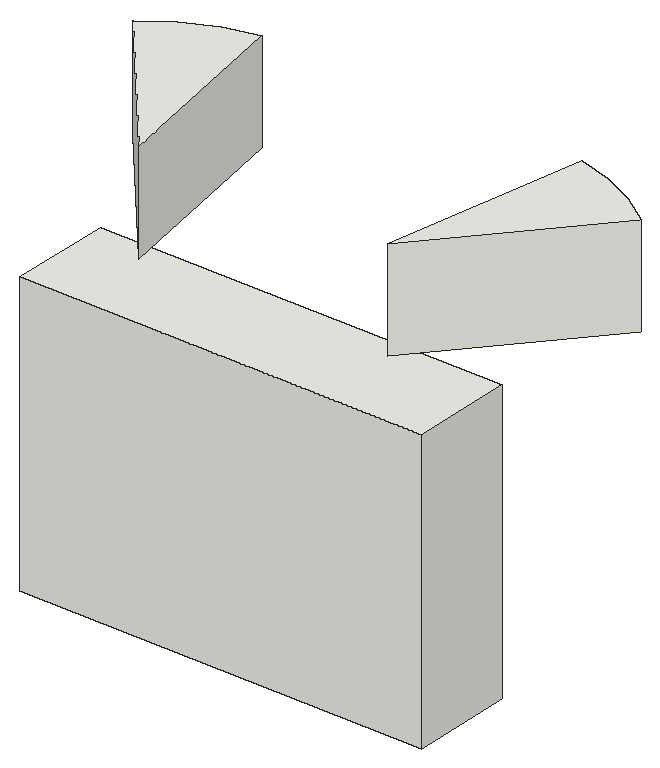
Revit family
Parameters (values of type "100 와트 백열")
  built-in parameter 1150142 = (empty or 0)
  Lamp = "A-19"
  안정 전압 = 120 V
  안정 극 수 = 1
  Assembly Code = "D5090200"
  조명 케이싱 = 금속 - 페인트 마감 - 아이보리색, 광택
  장착 높이 = 2100 mm
  Wattage Comments = "100"
  Apparent Load = 100 VA
Reference planes
  plane 1: y = 0
  plane 2 "광원 축": x = 0
  plane 3 "광원 입면도": z = 2100
  plane 4 "광원 축": y = 168.564
  plane 5: y = 105.064
  plane 6: y = 138.401
  plane 7: z = 2233.35
  plane 8: x = -132.627
  plane 9: x = 132.627
  plane 10: y = 253.747
Forms (mm)
  Extrusion 1, solid, material "금속 - 페인트 마감 - 아이보리색, 광택" <- "조명 케이싱"
    sketch origin (-2119.016, 105.064, 0) x (-1, 0, 0) y (0, 0, 1)
      loop
        line (-2246.016, 2011.1) -> (-1992.016, 2011.1) -> (-1992.016, 2188.9) -> (-2246.016, 2188.9) -> (-2246.016, 2011.1)
    from 0 to 63.5
  Extrusion 2, solid, material "금속 - 페인트 마감 - 아이보리색, 광택" <- "조명 케이싱"
    sketch origin (-127, 168.564, 2188.9) x (0, -1, 0) y (1, 0, 0)
      loop
        line (-67.276, -33.589) -> (30.011, 48.045) -> (-95.059, 25.992)
        arc (-95.059, 25.992) -> (-85.09, -5.627) -> (-67.276, -33.589) r 127
      loop
        line (-95.059, 228.008) -> (30.011, 205.955) -> (-67.276, 287.589)
        arc (-67.276, 287.589) -> (-85.09, 259.627) -> (-95.059, 228.008) r 127
    from 12.7 to 76.2
Lines and regions (mm)
  symbolic lines
    curve 1: line (-127, 105.064, 0) -> (127, 105.064, 0)
    curve 2: line (-127, 105.064, 0) -> (-127, 168.564, 0)
    curve 3: line (-127, 168.564, 0) -> (127, 168.564, 0)
    curve 4: line (127, 105.064, 0) -> (127, 168.564, 0)
    curve 5: line (127, 168.564, 0) -> (113.768, 243.606, 0)
    curve 6: line (127, 168.564, 0) -> (175.98, 226.936, 0)
    curve 7: line (175.98, 226.936, 0) -> (113.768, 243.606, 0)
    curve 8: line (-127, 168.564, 0) -> (-175.98, 226.936, 0)
    curve 9: line (-127, 168.564, 0) -> (-113.768, 243.606, 0)
    curve 10: line (-113.768, 243.606, 0) -> (-175.98, 226.936, 0)
  symbolic lines, detail levels coarse+medium
    curve 11: line (-127, 105.064, 0) -> (127, 168.564, 0)
Text (mm)
  text "앞면" at (0, 1019.848, 3124.603), in view "오른쪽"
  text "앞면" at (0, 893.312, 2794.176), in view "왼쪽"
Dimensions and locks
  locked: host wall to plane 4 "광원 축" at 63.5
  "장착 높이": level to plane 3 "광원 입면도"
  locked: Extrusion 1 to Extrusion 2 sketch curve at 33.489  (x2)
  plane 6 to host wall = 33.337 mm
  locked: plane 7 to plane 3 "광원 입면도" at 133.35
  equal spacing: plane 8, plane 2 "광원 축", plane 9, locked at 132.627 each
  locked: plane 10 to plane 5 at 148.683
  aligned and locked: plane 5 to host wall
  aligned and locked: plane 5 to curve 1
  aligned and locked: nested 1 to plane 8
  aligned and locked: nested 1 to plane 10
  aligned and locked: nested 2 to plane 10
  aligned and locked: nested 2 to plane 9
  aligned and locked: nested 2 to plane 7
  aligned and locked: nested 1 to plane 7
Automatic sketch dimensions
  plane 2 "광원 축" to Extrusion 1 sketch curve = 127 mm
  Extrusion 1 sketch curve to plane 2 "광원 축" = 127 mm
  plane 3 "광원 입면도" to Extrusion 1 sketch curve = 88.9 mm
  Extrusion 1 sketch curve to plane 3 "광원 입면도" = 88.9 mm
  Extrusion 2 sketch curve to plane 4 "광원 축" = 95.059 mm  (x2)
  Extrusion 2 sketch curve to Extrusion 2 sketch curve = 27.783 mm  (x2)
  Extrusion 2 sketch curve to Extrusion 2 sketch curve = 0 mm  (x4)
  Extrusion 2 sketch curve to plane 2 "광원 축" = 160.589 mm
  Extrusion 2 sketch curve to Extrusion 2 sketch curve = 59.581 mm
  plane 2 "광원 축" to Extrusion 2 sketch curve = 78.955 mm
  plane 2 "광원 축" to Extrusion 2 sketch curve = 101.008 mm
  curve 2 to plane 4 "광원 축" = 0 mm
  curve 11 to host wall = 0 mm
  curve 11 to plane 4 "광원 축" = 0 mm
  curve 10 to plane 4 "광원 축" = 58.373 mm
  curve 10 to plane 2 "광원 축" = 175.98 mm
  curve 8 to curve 2 = 48.98 mm
  curve 11 to curve 1 = 0 mm
  curve 8 to curve 10 = 62.212 mm
  plane 2 "광원 축" to curve 5 = 113.768 mm
  curve 5 to curve 5 = 13.232 mm
  curve 11 to curve 3 = 0 mm
  curve 7 to plane 4 "광원 축" = 58.373 mm
  curve 5 to curve 7 = 62.212 mm
  curve 8 to curve 10 = 16.67 mm
  curve 6 to curve 7 = 16.67 mm
Nested families
  nested 1: "광원" at (-132.627, 744.841, 1453.488), type "광원 1"
  nested 2: "광원" at (132.627, 744.841, 1453.488), type "광원 2"
Definition of nested family "광원"
  Parameters (values of type "광원")
    Wattage = 50 W
    built-in parameter 1150110 = 1 (stored number, unit not read)
    built-in parameter 1114217 = 1 (stored number, unit not read)
    built-in parameter 1150109 = 1 (stored number, unit not read)
    built-in parameter 1150134 = 4
    built-in parameter 1150113 = 1 (stored number, unit not read)
    Tilt Angle = 30.00°
    built-in parameter 1010507 = 1.5708 (stored number, unit not read)
    built-in parameter 1010506 = 0.5236 (stored number, unit not read)
    Lumens = 780 lm
    built-in parameter 1150115 = 1 (stored number, unit not read)
    built-in parameter 1150105 = 2608 (stored number, unit not read)
    Light Source Symbol Length = 609.6 mm
    built-in parameter 1150137 = 1
    built-in parameter 1150139 = (empty or 0)
    built-in parameter 1150112 = 1 (stored number, unit not read)
    built-in parameter 1150114 = 1 (stored number, unit not read)
    built-in parameter 1150132 = (empty or 0)
    built-in parameter 1150102 = (empty or 0)
    built-in parameter 1150138 = (empty or 0)
    built-in parameter 1150107 = 2800 (stored number, unit not read)
    built-in parameter 1150106 = 26.08 (stored number, unit not read)
    built-in parameter 1150104 = 1.4493 (stored number, unit not read)
    Dimming Lamp Color Temperature Shift = (empty or 0)
    Color Filter = 16777215
    built-in parameter 1114218 = 1 (stored number, unit not read)
    built-in parameter 1150133 = 10 (stored number, unit not read)
    Assembly Code = ""
  Reference planes
    plane 1 "광원 축(F/B)": z = 779.862
    plane 2: z = 0
    plane 3 "광원 축(L/R)": x = 0
    plane 4 "광원 입면도": y = -491.094
  Lines and regions (mm)
    reference lines
      curve 1: line (0, 880.506, 0) -> (0, -1024.494, 0)
      curve 2: line (-971.342, -491.094, 0) -> (1695.658, -491.094, 0)
  Dimensions and locks
    aligned and locked: plane 3 "광원 축(L/R)" to imposter light
    aligned and locked: imposter light to plane 1 "광원 축(F/B)"
    aligned and locked: imposter light to plane 4 "광원 입면도"
    aligned and locked: curve 1 to plane 3 "광원 축(L/R)"
    aligned and locked: curve 2 to plane 4 "광원 입면도"
